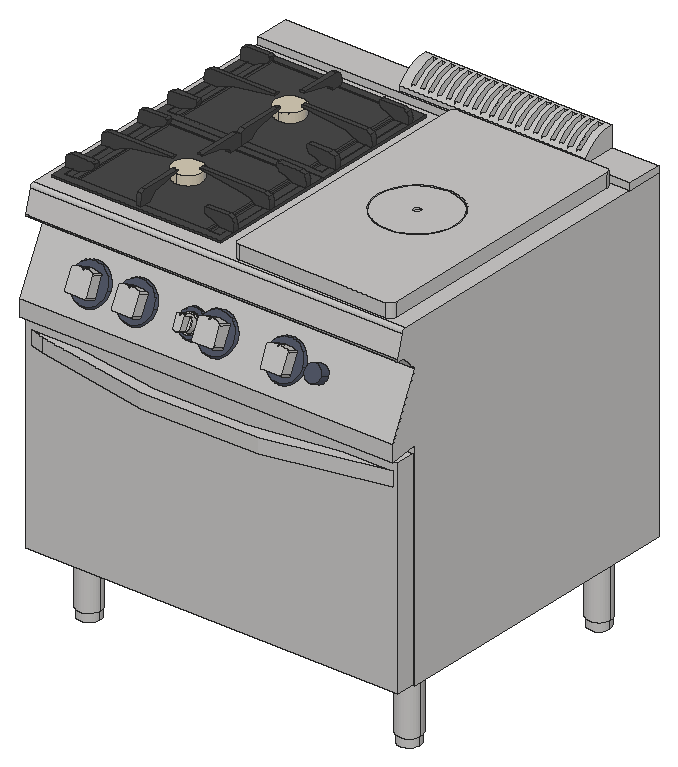
Revit family "QF_ZANUSSI_372009_Z7STGH30G0", category Specialty Equipment, Revit 2018 (continued)
Automatic sketch dimensions
  curve 97 to curve 104 = 0 mm  (x2)
  curve 97 to curve 105 = 0 mm  (x2)
  curve 97 to curve 106 = 0 mm  (x2)
  curve 97 to curve 107 = 0 mm  (x2)
  curve 97 to curve 112 = 0 mm  (x2)
  curve 97 to curve 113 = 0 mm  (x2)
  curve 102 to curve 104 = 0 mm  (x2)
  curve 102 to curve 105 = 0 mm  (x2)
  curve 102 to curve 106 = 0 mm  (x2)
  curve 102 to curve 107 = 0 mm  (x2)
  curve 102 to curve 112 = 0 mm  (x2)
  curve 102 to curve 113 = 0 mm  (x2)
  curve 104 to curve 105 = 0 mm  (x2)
  curve 104 to curve 106 = 0 mm  (x2)
  curve 104 to curve 107 = 0 mm  (x2)
  curve 104 to curve 112 = 0 mm  (x2)
  curve 104 to curve 113 = 0 mm  (x2)
  curve 105 to curve 106 = 0 mm  (x2)
  curve 105 to curve 107 = 0 mm  (x2)
  curve 105 to curve 112 = 0 mm  (x2)
  curve 105 to curve 113 = 0 mm  (x2)
  curve 106 to curve 107 = 0 mm  (x2)
  curve 106 to curve 112 = 0 mm  (x2)
  curve 106 to curve 113 = 0 mm  (x2)
  curve 107 to curve 112 = 0 mm  (x2)
  curve 107 to curve 113 = 0 mm  (x2)
  curve 112 to curve 113 = 0 mm  (x2)
  plane 11 to curve 91 = 0 mm
  curve 3 to plane 4 "RIGHT" = 0 mm
  plane 1 "BACK" to curve 93 = 0 mm
  curve 5 to plane 3 "LEFT" = 0 mm
  plane 11 to curve 89 = 0 mm
  plane 11 to curve 7 = 0 mm
  plane 11 to curve 4 = 0 mm
  plane 12 to curve 2 = 0 mm
  plane 4 "RIGHT" to curve 91 = 150 mm
  curve 100 to plane 4 "RIGHT" = 35 mm
  curve 101 to curve 101 = 12.7 mm
  curve 100 to curve 96 = 12.7 mm
  curve 101 to curve 57 = 67.147 mm
  curve 110 to curve 110 = 84.407 mm
  curve 113 to curve 111 = 0.013 mm
  curve 57 to curve 59 = 9.296 mm
  curve 59 to curve 61 = 9.397 mm
  curve 61 to curve 63 = 9.296 mm
  curve 63 to curve 68 = 9.397 mm
  curve 65 to curve 67 = 9.296 mm
  curve 67 to curve 69 = 9.397 mm
  curve 69 to curve 71 = 9.296 mm
  curve 70 to curve 74 = 9.397 mm
  curve 73 to curve 76 = 9.296 mm
  curve 102 to plane 8 "Center X" = 42.3 mm
  curve 110 to curve 102 = 85.444 mm
  curve 74 to curve 77 = 9.397 mm
  curve 77 to curve 79 = 9.296 mm
  curve 79 to curve 81 = 9.397 mm
  curve 81 to curve 83 = 9.296 mm
  curve 82 to curve 85 = 9.397 mm
  curve 85 to curve 87 = 9.296 mm
  curve 86 to curve 14 = 9.397 mm
  curve 13 to curve 15 = 9.296 mm
  curve 14 to curve 18 = 9.397 mm
  curve 108 to plane 8 "Center X" = 40.499 mm
  curve 97 to curve 108 = 85.431 mm
  curve 108 to curve 109 = 0.013 mm
  curve 17 to curve 19 = 9.296 mm
  curve 19 to curve 21 = 9.397 mm
  curve 21 to curve 22 = 9.296 mm
  curve 23 to curve 25 = 9.397 mm
  curve 25 to curve 27 = 9.296 mm
  curve 26 to curve 29 = 9.397 mm
  curve 29 to curve 31 = 9.296 mm
  curve 30 to curve 33 = 9.397 mm
  curve 33 to curve 98 = 4.449 mm
  plane 7 "Center Y" to curve 95 = 37.7 mm
  curve 33 to curve 35 = 9.296 mm
  curve 95 to curve 94 = 12.7 mm
  curve 34 to curve 37 = 9.397 mm
  curve 37 to curve 38 = 9.296 mm
  plane 7 "Center Y" to curve 42 = 4.764 mm
  curve 43 to plane 7 "Center Y" = 4.532 mm
  curve 42 to curve 46 = 9.397 mm
  curve 45 to curve 47 = 9.296 mm
  curve 46 to curve 50 = 9.397 mm
  curve 49 to curve 51 = 9.296 mm
  curve 50 to curve 53 = 9.397 mm
  curve 53 to curve 54 = 9.296 mm
  curve 55 to curve 9 = 9.397 mm
  curve 9 to curve 10 = 9.296 mm
  curve 90 to plane 3 "LEFT" = 150 mm
  curve 89 to plane 1 "BACK" = 150 mm
  plane 1 "BACK" to curve 85 = 6.761 mm
  plane 1 "BACK" to curve 84 = 6.761 mm
  plane 1 "BACK" to curve 60 = 6.761 mm
  plane 1 "BACK" to curve 9 = 6.761 mm
  plane 1 "BACK" to curve 80 = 6.761 mm
  plane 1 "BACK" to curve 13 = 6.761 mm
  plane 1 "BACK" to curve 76 = 6.761 mm
  plane 1 "BACK" to curve 17 = 6.761 mm
  plane 1 "BACK" to curve 72 = 6.761 mm
  plane 1 "BACK" to curve 21 = 6.761 mm
  plane 1 "BACK" to curve 68 = 6.761 mm
  plane 1 "BACK" to curve 25 = 6.761 mm
  plane 1 "BACK" to curve 64 = 6.761 mm
  plane 1 "BACK" to curve 29 = 6.761 mm
  plane 1 "BACK" to curve 33 = 6.761 mm
  plane 1 "BACK" to curve 56 = 6.761 mm
  plane 1 "BACK" to curve 37 = 6.761 mm
  plane 1 "BACK" to curve 52 = 6.761 mm
  plane 1 "BACK" to curve 41 = 6.761 mm
  plane 1 "BACK" to curve 48 = 6.761 mm
  curve 45 to curve 46 = 57.15 mm
  curve 45 to curve 43 = 0 mm
  curve 49 to curve 46 = 0 mm
  curve 41 to curve 39 = 0 mm
  curve 53 to curve 50 = 0 mm
  curve 37 to curve 35 = 0 mm
  curve 57 to curve 57 = 57.15 mm
  curve 33 to curve 31 = 0 mm
  curve 87 to curve 87 = 57.15 mm
  curve 61 to curve 58 = 0 mm
  curve 29 to curve 27 = 0 mm
  curve 65 to curve 62 = 0 mm
  curve 25 to curve 23 = 0 mm
  curve 69 to curve 66 = 0 mm
  curve 21 to curve 19 = 0 mm
  curve 73 to curve 70 = 0 mm
  curve 17 to curve 15 = 0 mm
  curve 77 to curve 74 = 0 mm
  curve 11 to curve 54 = 0 mm
  curve 81 to curve 78 = 0 mm
  curve 33 to curve 98 = 18.389 mm
  curve 108 to curve 109 = 2.773 mm
  curve 95 to plane 5 "FRONT" = 40.4 mm
  curve 93 to curve 57 = 14.847 mm
  curve 97 to curve 104 = 10.598 mm
  curve 112 to curve 105 = 8.565 mm
  curve 11 to curve 92 = 20.698 mm
  curve 5 to curve 100 = 25.15 mm
  curve 5 to curve 6 = 6.35 mm
  curve 102 to curve 104 = 2.47 mm
  curve 107 to curve 97 = 7 mm
  plane 11 to Extrusion 11 sketch curve = 0 mm  (x2)
  Extrusion 11 sketch curve to plane 3 "LEFT" = 0 mm
  plane 1 "BACK" to Extrusion 11 sketch curve = 0 mm
  Extrusion 11 sketch curve to plane 4 "RIGHT" = 0 mm
  Extrusion 11 sketch curve to plane 3 "LEFT" = 150 mm
  plane 4 "RIGHT" to Extrusion 11 sketch curve = 150 mm
  Extrusion 11 sketch curve to plane 1 "BACK" = 150 mm
  Extrusion 12 sketch curve to Extrusion 12 sketch curve = 0 mm  (x2)
  plane 1 "BACK" to Extrusion 12 sketch curve = 82.3 mm
  Extrusion 12 sketch curve to Extrusion 12 sketch curve = 12.7 mm  (x3)
  Extrusion 12 sketch curve to plane 8 "Center X" = 41.765 mm
  Extrusion 12 sketch curve to Extrusion 12 sketch curve = 0.351 mm
  Extrusion 12 sketch curve to Extrusion 12 sketch curve = 0.184 mm
  Extrusion 12 sketch curve to Extrusion 12 sketch curve = 0.207 mm
  Extrusion 12 sketch curve to plane 5 "FRONT" = 40.4 mm  (x2)
  plane 7 "Center Y" to Extrusion 12 sketch curve = 25 mm
  plane 7 "Center Y" to Extrusion 12 sketch curve = 195.149 mm
  Extrusion 12 sketch curve to Extrusion 12 sketch curve = 0.014 mm
  Extrusion 12 sketch curve to Extrusion 12 sketch curve = 0.097 mm
  Extrusion 12 sketch curve to Extrusion 12 sketch curve = 0.01 mm
  Extrusion 12 sketch curve to plane 4 "RIGHT" = 47.7 mm
  plane 8 "Center X" to Extrusion 12 sketch curve = 0.607 mm
  Extrusion 12 sketch curve to plane 8 "Center X" = 40.976 mm
  Extrusion 12 sketch curve to Extrusion 12 sketch curve = 84.864 mm
  Extrusion 13 sketch curve to Extrusion 13 sketch curve = 0 mm  (x2)
  Extrusion 13 sketch curve to plane 8 "Center X" = 42.3 mm
  plane 7 "Center Y" to Extrusion 13 sketch curve = 195.13 mm
  Extrusion 13 sketch curve to Extrusion 13 sketch curve = 7 mm
  plane 14 to Blend 14 sketch curve = 50.042 mm  (x2)
  plane 14 to Extrusion 15 sketch curve = 73.042 mm
  Extrusion 15 sketch curve to Extrusion 15 sketch curve = 2.997 mm  (x3)
  Extrusion 15 sketch curve to Extrusion 15 sketch curve = 20.003 mm  (x2)
  plane 14 to Extrusion 15 sketch curve = 30.039 mm
  Extrusion 15 sketch curve to Extrusion 15 sketch curve = 5.399 mm
  Extrusion 15 sketch curve to Extrusion 15 sketch curve = 40.037 mm
  Extrusion 15 sketch curve to Extrusion 15 sketch curve = 0 mm  (x2)
  plane 13 "panel" to Extrusion 16 sketch curve = 35 mm
  plane 5 "FRONT" to Extrusion 16 sketch curve = 5.671 mm
  Extrusion 16 sketch curve to Extrusion 16 sketch curve = 3 mm
  Extrusion 16 sketch curve to Extrusion 16 sketch curve = 0 mm  (x2)
  Extrusion 16 sketch curve to Extrusion 16 sketch curve = 1 mm
  Extrusion 16 sketch curve to Extrusion 16 sketch curve = 15 mm
  plane 14 to Extrusion 17 sketch curve = 67.542 mm
  plane 14 to Extrusion 17 sketch curve = 32.542 mm
  Extrusion 17 sketch curve to Extrusion 17 sketch curve = 35 mm
  plane 13 "panel" to Extrusion 18 sketch curve = 35 mm
  plane 5 "FRONT" to Extrusion 18 sketch curve = 5.671 mm
  Extrusion 18 sketch curve to Extrusion 18 sketch curve = 3 mm
  Extrusion 18 sketch curve to Extrusion 18 sketch curve = 0 mm
  Extrusion 18 sketch curve to Extrusion 18 sketch curve = 1 mm  (x2)
  Extrusion 18 sketch curve to Extrusion 18 sketch curve = 15 mm
  Extrusion 19 sketch curve to plane 14 = 67.458 mm
  Extrusion 19 sketch curve to plane 14 = 32.458 mm
  Extrusion 19 sketch curve to Extrusion 19 sketch curve = 35 mm
  Blend 20 sketch curve to plane 14 = 49.958 mm  (x2)
  Extrusion 21 sketch curve to plane 14 = 72.958 mm
  Extrusion 21 sketch curve to Extrusion 21 sketch curve = 2.997 mm  (x3)
  Extrusion 21 sketch curve to Extrusion 21 sketch curve = 20.003 mm  (x2)
  Extrusion 21 sketch curve to plane 14 = 29.955 mm
  Extrusion 21 sketch curve to Extrusion 21 sketch curve = 0 mm  (x2)
  Extrusion 21 sketch curve to Extrusion 21 sketch curve = 40.037 mm
  Extrusion 21 sketch curve to Extrusion 21 sketch curve = 5.399 mm
  Split face 2 sketch curve to Split face 2 sketch curve = 6 mm
  Split face 2 sketch curve to Split face 2 sketch curve = 10 mm
  Split face 3 sketch curve to Split face 3 sketch curve = 5 mm
  Split face 3 sketch curve to Split face 3 sketch curve = 9 mm
  Split face 4 sketch curve to Split face 4 sketch curve = 5 mm
  Split face 5 sketch curve to Split face 5 sketch curve = 5 mm
  Split face 6 sketch curve to Split face 6 sketch curve = 6 mm
  Split face 6 sketch curve to Split face 6 sketch curve = 10 mm
  Split face 7 sketch curve to Split face 7 sketch curve = 5 mm
  Split face 7 sketch curve to Split face 7 sketch curve = 9 mm
  Split face 8 sketch curve to Split face 8 sketch curve = 5 mm
  Split face 9 sketch curve to Split face 9 sketch curve = 5 mm
  Blend 22 sketch curve to plane 7 "Center Y" = 0 mm  (x2)
  Blend 22 sketch curve to Blend 22 sketch curve = 53 mm  (x2)
  Blend 22 sketch curve to Blend 22 sketch curve = 0 mm  (x2)
  Blend 22 sketch curve to Blend 22 sketch curve = 17.95 mm
  Blend 22 sketch curve to Blend 22 sketch curve = 24.037 mm
  Blend 22 sketch curve to Blend 22 sketch curve = 18.422 mm
  Blend 22 sketch curve to Blend 22 sketch curve = 21.086 mm
  Extrusion 23 sketch curve to plane 7 "Center Y" = 55.001 mm
  Extrusion 24 sketch curve to plane 7 "Center Y" = 71.893 mm
  Extrusion 24 sketch curve to Extrusion 24 sketch curve = 6.058 mm
  Extrusion 24 sketch curve to Extrusion 24 sketch curve = 0.01 mm  (x2)
  Extrusion 24 sketch curve to Extrusion 24 sketch curve = 8.895 mm  (x2)
  Extrusion 24 sketch curve to Extrusion 24 sketch curve = 15.995 mm
  Extrusion 24 sketch curve to Extrusion 24 sketch curve = 2.827 mm  (x3)
  plane 13 "panel" to Extrusion 24 sketch curve = 22 mm  (x2)
  Extrusion 24 sketch curve to Extrusion 24 sketch curve = 15.163 mm
  Extrusion 24 sketch curve to Extrusion 24 sketch curve = 15.173 mm
  Extrusion 25 sketch curve to plane 7 "Center Y" = 0 mm
  Extrusion 25 sketch curve to plane 7 "Center Y" = 20.003 mm  (x2)
  Extrusion 25 sketch curve to Extrusion 25 sketch curve = 2.997 mm  (x2)
  plane 7 "Center Y" to Extrusion 25 sketch curve = 20.003 mm  (x2)
  Extrusion 25 sketch curve to Extrusion 25 sketch curve = 5.399 mm
  Extrusion 25 sketch curve to Extrusion 25 sketch curve = 40.037 mm
  Extrusion 25 sketch curve to Extrusion 25 sketch curve = 0 mm  (x2)
  Split face 43 sketch curve to Split face 43 sketch curve = 2.545 mm
  Split face 43 sketch curve to Split face 43 sketch curve = 4.379 mm
  plane 7 "Center Y" to Blend 26 sketch curve = 147.457 mm  (x2)
  plane 7 "Center Y" to Extrusion 27 sketch curve = 124.457 mm
  Extrusion 27 sketch curve to Extrusion 27 sketch curve = 2.997 mm  (x3)
  Extrusion 27 sketch curve to Extrusion 27 sketch curve = 20.003 mm  (x2)
  Extrusion 27 sketch curve to Extrusion 27 sketch curve = 40.005 mm
  Extrusion 27 sketch curve to Extrusion 27 sketch curve = 5.399 mm
  Extrusion 27 sketch curve to Extrusion 27 sketch curve = 40.037 mm
  Extrusion 27 sketch curve to Extrusion 27 sketch curve = 0 mm  (x2)
  plane 13 "panel" to Extrusion 28 sketch curve = 35 mm
  plane 5 "FRONT" to Extrusion 28 sketch curve = 5.671 mm
  Extrusion 28 sketch curve to Extrusion 28 sketch curve = 3 mm
  Extrusion 28 sketch curve to Extrusion 28 sketch curve = 0 mm  (x2)
  Extrusion 28 sketch curve to Extrusion 28 sketch curve = 1 mm
  Extrusion 28 sketch curve to Extrusion 28 sketch curve = 15 mm
  plane 7 "Center Y" to Extrusion 29 sketch curve = 129.957 mm
  Extrusion 29 sketch curve to Extrusion 29 sketch curve = 35 mm  (x2)
  Split face 45 sketch curve to Split face 45 sketch curve = 6 mm
  Split face 45 sketch curve to Split face 45 sketch curve = 10 mm
  Split face 46 sketch curve to Split face 46 sketch curve = 5 mm
  Split face 46 sketch curve to Split face 46 sketch curve = 9 mm
  Split face 47 sketch curve to Split face 47 sketch curve = 5 mm
  Split face 48 sketch curve to Split face 48 sketch curve = 5 mm
  Extrusion 30 sketch curve to plane 4 "RIGHT" = 177.817 mm
  Extrusion 31 sketch curve to plane 4 "RIGHT" = 177.817 mm
  Extrusion 32 sketch curve to plane 7 "Center Y" = 55.001 mm
  plane 5 "FRONT" to curve 185 = 0 mm
  plane 5 "FRONT" to curve 181 = 0 mm
  plane 5 "FRONT" to curve 180 = 0 mm
  plane 5 "FRONT" to curve 184 = 0 mm
  plane 11 to curve 179 = 10.848 mm
  curve 179 to plane 7 "Center Y" = 54.507 mm
  curve 179 to curve 186 = 0.494 mm
  curve 179 to curve 178 = 0.989 mm
  curve 186 to plane 5 "FRONT" = 2.937 mm
  curve 182 to curve 182 = 2.259 mm
  curve 181 to curve 182 = 0.319 mm
  curve 181 to curve 179 = 3.717 mm
  curve 182 to curve 182 = 1.423 mm
  curve 185 to curve 181 = 4.288 mm
  curve 179 to curve 181 = 0.493 mm
  curve 181 to curve 180 = 0.001 mm
  plane 11 to curve 183 = 0.586 mm
  curve 183 to curve 183 = 0.865 mm
  curve 183 to plane 11 = 2.106 mm
  curve 183 to curve 180 = 0.141 mm
  curve 178 to curve 180 = 3.718 mm
  curve 181 to curve 180 = 0 mm
  plane 5 "FRONT" to curve 179 = 1.224 mm
  curve 178 to curve 179 = 0 mm
  plane 5 "FRONT" to curve 184 = 4.847 mm
  curve 179 to curve 180 = 3.623 mm
  curve 184 to curve 181 = 0.003 mm
  plane 5 "FRONT" to curve 185 = 4.85 mm
  curve 182 to curve 182 = 0.045 mm
  Extrusion 33 sketch curve to Extrusion 33 sketch curve = 0 mm  (x6)
  plane 5 "FRONT" to Extrusion 33 sketch curve = 0 mm  (x2)
  Extrusion 33 sketch curve to plane 7 "Center Y" = 0 mm
  Extrusion 33 sketch curve to plane 4 "RIGHT" = 103.605 mm
  Extrusion 33 sketch curve to plane 4 "RIGHT" = 10 mm
  Extrusion 33 sketch curve to plane 1 "BACK" = 537.5 mm
  Extrusion 33 sketch curve to plane 11 = 4.779 mm
  plane 13 "panel" to Extrusion 34 sketch curve = 35 mm
  plane 5 "FRONT" to Extrusion 34 sketch curve = 5.671 mm
  Extrusion 34 sketch curve to Extrusion 34 sketch curve = 3 mm
  Extrusion 34 sketch curve to Extrusion 34 sketch curve = 0 mm  (x2)
  Extrusion 34 sketch curve to Extrusion 34 sketch curve = 1 mm
  Extrusion 34 sketch curve to Extrusion 34 sketch curve = 15 mm
  plane 13 "panel" to Extrusion 35 sketch curve = 41 mm
  plane 5 "FRONT" to Extrusion 35 sketch curve = 16.082 mm
  Extrusion 35 sketch curve to Extrusion 35 sketch curve = 3 mm
  Extrusion 35 sketch curve to Extrusion 35 sketch curve = 0 mm  (x2)
  Extrusion 35 sketch curve to Extrusion 35 sketch curve = 1 mm
  Extrusion 35 sketch curve to Extrusion 35 sketch curve = 15 mm
  radius of Extrusion 9 sketch curve = 6.35 mm
  radius of Extrusion 12 sketch curve = 82.55 mm
  radius of Extrusion 12 sketch curve = 7 mm
  radius of Blend 14 sketch curve = 42.5 mm
  radius of Blend 14 sketch curve = 40.5 mm
  radius of Split face 1 sketch curve = 3 mm
  radius of Blend 20 sketch curve = 42.5 mm
  radius of Blend 20 sketch curve = 40.5 mm
  radius of Split face 10 sketch curve = 1.5 mm
  radius of Split face 11 sketch curve = 2.029 mm
  radius of Split face 12 sketch curve = 2.031 mm
  radius of Split face 13 sketch curve = 3.497 mm
  radius of Split face 14 sketch curve = 3.497 mm
  radius of Split face 15 sketch curve = 3 mm
  radius of Split face 16 sketch curve = 1.5 mm
  radius of Extrusion 23 sketch curve = 20 mm
  radius of Split face 17 sketch curve = 1 mm
  radius of Split face 18 sketch curve = 1 mm
  radius of Split face 19 sketch curve = 1 mm
  radius of Split face 20 sketch curve = 1 mm
  radius of Split face 21 sketch curve = 1 mm
  radius of Split face 22 sketch curve = 1 mm
  radius of Split face 23 sketch curve = 1 mm
  radius of Split face 24 sketch curve = 1 mm
  radius of Split face 25 sketch curve = 1 mm
  radius of Split face 26 sketch curve = 1 mm
  radius of Split face 27 sketch curve = 1 mm
  radius of Split face 28 sketch curve = 1 mm
  radius of Split face 29 sketch curve = 1 mm
  radius of Split face 30 sketch curve = 1 mm
  radius of Split face 31 sketch curve = 1 mm
  radius of Split face 32 sketch curve = 1 mm
  radius of Split face 33 sketch curve = 1 mm
  radius of Split face 34 sketch curve = 1 mm
  radius of Split face 35 sketch curve = 1 mm
  radius of Split face 36 sketch curve = 1 mm
  radius of Split face 37 sketch curve = 1 mm
  radius of Split face 38 sketch curve = 1 mm
  radius of Split face 39 sketch curve = 1 mm
  radius of Split face 40 sketch curve = 1 mm
  radius of Split face 41 sketch curve = 1.508 mm
  radius of Split face 42 sketch curve = 1.343 mm
  radius of Blend 26 sketch curve = 42.5 mm
  radius of Blend 26 sketch curve = 40.5 mm
  radius of Split face 44 sketch curve = 3 mm
  radius of Split face 49 sketch curve = 1.5 mm
  radius of Split face 50 sketch curve = 2.029 mm
  radius of Split face 51 sketch curve = 3.497 mm
  radius of Extrusion 30 sketch curve = 18 mm
  radius of Extrusion 31 sketch curve = 15 mm
  radius of Extrusion 32 sketch curve = 16 mm
Nested families
  nested 1: "QF_372009_BURNER" at (8.5, -5, 0), type "QF_372009_BURNER"
    with Type Mark "", Status "", Specification by User "", Revision Code "", Item Number "", Installed By "", Identify Quantity as Lot yes, Furnished By "", Foodservice Equipment Identifier yes
  nested 2: "QF_372009_BURNER" at (8.5, -739.127, 0), type "QF_372009_BURNER"
    with Type Mark "", Status "", Specification by User "", Revision Code "", Item Number "", Installed By "", Identify Quantity as Lot yes, Furnished By "", Foodservice Equipment Identifier yes
Connectors
  piping at (747.613, -464, 141.185), diameter 12.8
    settings: on Extrusion 9, index 1, connector inside diameter 0.50394", connector length 0 mm, flow factor 0, pipe flow 0 GPM, pressure drop 0.00 psi, fitting loss kfactor 0, connector angle 0.00°, fixture units 0, engagement length 0 mm, angle of deflection 0.00°, flow configuration 1, flow direction 1, fitting loss method 0, system type 7, joint type 0, gender type 0, connector reference index -1, connector utility 0, adjustable connector no, is connector primary yes, connector description "Gas Inlet"
Definition of nested family "QF_372009_BURNER"
  Parameters
    Weight in Pounds = 0
    URL Cutsheet = ""
    URL = "www.electrolux.com"
    Type Mark [instance] = ""
    Status [instance] = ""
    Specification by User [instance] = ""
    Specification by Manufacturer = ""
    Serial Number = ""
    Seismic Rating = ""
    SMACNA No = ""
    Revision Code [instance] = ""
    Omniclass Number and Title = ""
    NAFEM Spec ID Number = ""
    Model = "371009"
    Masterspec = ""
    Manufacturer = "ELECTROLUX"
    Item Number [instance] = ""
    Installed By [instance] = ""
    Identify Quantity as Lot [instance] = yes
    Furnished By [instance] = ""
    Foodservice Equipment Identifier [instance] = yes
    Description = ""
    CSI MasterFormat = ""
    CSI Master Format = ""
  Reference planes
    plane 1 "BACK": y = 0
    plane 2: z = 0
    plane 3 "LEFT": x = 0
    plane 4 "RIGHT": x = 800
    plane 5 "FRONT": y = -700
    plane 6 "TOP": z = 908.85
    plane 7 "Center Y": x = 400
    plane 8 "Center X": y = -350
    plane 9 "Base": z = 150
    plane 10: z = 850.85
  Forms (mm)
    Extrusion 1, solid
      sketch origin (0, -734.127, 5) x (1, 0, 0) y (0, 0, -1)
        loop
          arc (7.142, -850.85) -> (6.739, -862.989) -> (9.761, -874.752) r 42.809
          line (9.761, -874.752) -> (19.961, -879.425) -> (157.339, -879.425)
          arc (157.339, -879.425) -> (158.533, -878.312) -> (157.506, -877.043) r 1.197
          line (157.506, -877.043) -> (64.848, -864.021)
          arc (64.848, -864.021) -> (50.111, -858.738) -> (36.589, -850.85) r 85.245
          line (36.589, -850.85) -> (7.142, -850.85)
        loop
          line (367.858, -850.85) -> (338.411, -850.85)
          arc (338.411, -850.85) -> (324.889, -858.738) -> (310.152, -864.021) r 85.245
          line (310.152, -864.021) -> (217.494, -877.043)
          arc (217.494, -877.043) -> (216.467, -878.312) -> (217.661, -879.425) r 1.197
          line (217.661, -879.425) -> (355.039, -879.425) -> (365.239, -874.752)
          arc (365.239, -874.752) -> (368.261, -862.989) -> (367.858, -850.85) r 42.809
      from 224.564 to 234.564
    Extrusion 2, solid
      sketch origin (0, -734.127, 5) x (1, 0, 0) y (0, 0, -1)
        loop
          arc (7.056, -850.85) -> (6.705, -862.948) -> (9.748, -874.663) r 42.876
          line (9.748, -874.663) -> (19.961, -879.425) -> (65.851, -879.425)
          arc (65.851, -879.425) -> (68.577, -878.352) -> (69.841, -875.709) r 4
          arc (69.841, -875.709) -> (68.75, -869.25) -> (64.816, -864.012) r 13.87
          arc (64.816, -864.012) -> (50.096, -858.731) -> (36.589, -850.85) r 85.245
          line (36.589, -850.85) -> (7.056, -850.85)
        loop
          line (367.944, -850.85) -> (338.411, -850.85)
          arc (338.411, -850.85) -> (324.904, -858.731) -> (310.184, -864.012) r 85.245
          arc (310.184, -864.012) -> (306.25, -869.25) -> (305.159, -875.709) r 13.87
          arc (305.159, -875.709) -> (306.423, -878.352) -> (309.149, -879.425) r 4
          line (309.149, -879.425) -> (355.039, -879.425) -> (365.252, -874.663)
          arc (365.252, -874.663) -> (368.295, -862.948) -> (367.944, -850.85) r 42.876
      from 127.064 to 137.064
    Extrusion 3, solid
      sketch origin (0, -275, 5) x (1, 0, 0) y (0, 0, 1)
        loop
          arc (64.816, 864.012) -> (68.75, 869.25) -> (69.841, 875.709) r 13.87
          arc (69.841, 875.709) -> (68.577, 878.352) -> (65.851, 879.425) r 4
          line (65.851, 879.425) -> (19.961, 879.425) -> (9.748, 874.663)
          arc (9.748, 874.663) -> (6.705, 862.948) -> (7.056, 850.85) r 42.876
          line (7.056, 850.85) -> (36.589, 850.85)
          arc (36.589, 850.85) -> (50.096, 858.731) -> (64.816, 864.012) r 85.245
        loop
          arc (310.184, 864.012) -> (324.904, 858.731) -> (338.411, 850.85) r 85.245
          line (338.411, 850.85) -> (367.944, 850.85)
          arc (367.944, 850.85) -> (368.295, 862.948) -> (365.252, 874.663) r 42.876
          line (365.252, 874.663) -> (355.039, 879.425) -> (309.149, 879.425)
          arc (309.149, 879.425) -> (306.423, 878.352) -> (305.159, 875.709) r 4
          arc (305.159, 875.709) -> (306.25, 869.25) -> (310.184, 864.012) r 13.87
      from 127.064 to 137.064
    Extrusion 4, solid
      sketch origin (454.964, -29.48, 5) x (0, -1, 0) y (0, 0, 1)
        loop
          arc (366.649, 850.85) -> (375.927, 861.743) -> (389.337, 866.736) r 28.426
          line (389.337, 866.736) -> (441.256, 877.043)
          arc (441.256, 877.043) -> (442.283, 878.312) -> (441.089, 879.425) r 1.197
          line (441.089, 879.425) -> (347.797, 879.425)
          arc (347.797, 879.425) -> (343.211, 875.934) -> (337.583, 874.694) r 13.39
          line (337.583, 874.694) -> (337.583, 850.85) -> (366.649, 850.85)
        loop
          arc (606.236, 850.85) -> (606.587, 862.948) -> (603.543, 874.663) r 42.876
          line (603.543, 874.663) -> (593.33, 879.425) -> (509.077, 879.425)
          arc (509.077, 879.425) -> (507.883, 878.312) -> (508.911, 877.043) r 1.197
          line (508.911, 877.043) -> (560.83, 866.736)
          arc (560.83, 866.736) -> (574.239, 861.743) -> (583.518, 850.85) r 28.426
          line (583.518, 850.85) -> (606.236, 850.85)
      from 262.464 to 272.464
    Extrusion 5, solid
      sketch origin (0, 0, 850.85) x (0, -1, 0) y (1, 0, 0)
        loop
          line (642.216, 6.433) -> (642.216, 368.567) -> (367.857, 368.567) -> (367.857, 6.433) -> (642.216, 6.433)
        loop
          line (382.857, 21.433) -> (627.216, 21.433) -> (627.216, 353.567) -> (382.857, 353.567) -> (382.857, 21.433)
      from 0 to 5
    Extrusion 6, solid
      sketch origin (-12.5, 0, 855.85) x (0, -1, 0) y (1, 0, 0)
        loop
          circle (504.356, 200) r 30
      from -1.321 to 17.134
    Extrusion 7, solid
      sketch origin (0, -734.127, 0) x (1, 0, 0) y (0, 0, -1)
        loop
          line (21.433, -855.85) -> (36.589, -855.85)
          arc (36.589, -855.85) -> (40.561, -855.243) -> (44.305, -853.783) r 18.259
          arc (44.305, -853.783) -> (45.997, -853.366) -> (47.69, -853.783) r 3.649
          arc (47.69, -853.783) -> (49.901, -854.522) -> (52.232, -854.529) r 7.328
          line (52.232, -854.529) -> (322.768, -854.529)
          arc (322.768, -854.529) -> (325.099, -854.522) -> (327.31, -853.783) r 7.328
          arc (327.31, -853.783) -> (329.003, -853.366) -> (330.695, -853.783) r 3.649
          arc (330.695, -853.783) -> (334.439, -855.243) -> (338.411, -855.85) r 18.259
          line (338.411, -855.85) -> (353.567, -855.85) -> (353.567, -850.85) -> (21.433, -850.85) -> (21.433, -855.85)
      from 106.911 to 351.27
  Lines and regions (mm)
    symbolic lines
      curve 1: line (6.433, -642.216, 150) -> (368.567, -642.216, 150)
      curve 2: line (6.433, -367.857, 150) -> (6.433, -642.216, 150)
      curve 3: line (368.567, -367.857, 150) -> (192.5, -367.857, 150)
      curve 4: line (368.567, -642.216, 150) -> (368.567, -367.857, 150)
      curve 5: line (353.567, -382.857, 150) -> (192.5, -382.857, 150)
      curve 6: line (353.567, -627.216, 150) -> (353.567, -607.064, 150)
      curve 7: line (21.433, -627.216, 150) -> (182.5, -627.216, 150)
      curve 8: line (21.433, -382.857, 150) -> (21.433, -402.064, 150)
      curve 9: line (52.232, -627.216, 150) -> (52.232, -607.064, 150)
      curve 10: line (322.567, -382.857, 150) -> (322.567, -402.064, 150)
      curve 11: line (148.125, -499.564, 150) -> (148.125, -382.857, 150)
      curve 12: line (154.375, -382.857, 150) -> (154.375, -499.564, 150)
      curve 13: arc (148.297, -509.564, 150) -> (159.191, -533.254, 150) -> (182.5, -544.942, 150) r 39.375
      curve 14: arc (220.42, -509.564, 150) -> (211.39, -528.832, 150) -> (192.5, -538.631, 150) r 33.125
      curve 15: line (220.625, -382.857, 150) -> (220.625, -499.564, 150)
      curve 16: line (226.875, -499.564, 150) -> (226.875, -382.857, 150)
      curve 17: line (192.5, -636.339, 150) -> (192.5, -535.619, 150)
      curve 18: arc (182.657, -474.75, 150) -> (166.195, -483.236, 150) -> (157.853, -499.771, 150) r 30
      curve 19: arc (192.224, -533.982, 150) -> (208.621, -525.661, 150) -> (217.084, -509.337, 150) r 30
      curve 20: line (368.567, -597.064, 150) -> (305.159, -597.064, 150)
      curve 21: line (6.433, -607.064, 150) -> (69.841, -607.064, 150)
      curve 22: line (6.433, -509.564, 150) -> (156.429, -509.564, 150)
      curve 23: line (368.567, -499.564, 150) -> (218.571, -499.564, 150)
      curve 24: line (6.433, -412.064, 150) -> (69.841, -412.064, 150)
      curve 25: line (368.567, -402.064, 150) -> (305.159, -402.064, 150)
      curve 26: line (69.841, -597.064, 150) -> (6.433, -597.064, 150)
      curve 27: line (305.159, -607.064, 150) -> (368.567, -607.064, 150)
      curve 28: line (69.841, -402.064, 150) -> (6.433, -402.064, 150)
      curve 29: line (305.159, -412.064, 150) -> (368.567, -412.064, 150)
      curve 30: arc (69.841, -597.064, 150) -> (74.841, -602.064, 150) -> (69.841, -607.064, 150) r 5
      curve 31: arc (305.159, -607.064, 150) -> (300.159, -602.064, 150) -> (305.159, -597.064, 150) r 5
      curve 32: arc (69.841, -402.064, 150) -> (74.841, -407.064, 150) -> (69.841, -412.064, 150) r 5
      curve 33: arc (305.159, -412.064, 150) -> (300.159, -407.064, 150) -> (305.159, -402.064, 150) r 5
      curve 34: line (21.433, -412.064, 150) -> (21.433, -499.564, 150)
      curve 35: line (52.232, -402.064, 150) -> (52.232, -382.857, 150)
      curve 36: line (21.433, -509.564, 150) -> (21.433, -597.064, 150)
      curve 37: line (52.232, -499.564, 150) -> (52.232, -412.064, 150)
      curve 38: line (52.232, -597.064, 150) -> (52.232, -509.564, 150)
      curve 39: line (21.433, -607.064, 150) -> (21.433, -627.216, 150)
      curve 40: line (322.567, -607.064, 150) -> (322.567, -627.216, 150)
      curve 41: line (353.567, -597.064, 150) -> (353.567, -509.564, 150)
      curve 42: line (322.567, -509.564, 150) -> (322.567, -597.064, 150)
      curve 43: line (353.567, -499.564, 150) -> (353.567, -412.064, 150)
      curve 44: line (353.567, -402.064, 150) -> (353.567, -382.857, 150)
      curve 45: line (322.567, -412.064, 150) -> (322.567, -499.564, 150)
      curve 46: line (156.429, -499.564, 150) -> (6.433, -499.564, 150)
      curve 47: line (218.571, -509.564, 150) -> (368.567, -509.564, 150)
      curve 48: arc (218.571, -499.564, 150) -> (213.571, -504.564, 150) -> (218.571, -509.564, 150) r 5
      curve 49: arc (156.429, -499.564, 150) -> (161.429, -504.564, 150) -> (156.429, -509.564, 150) r 5
      curve 50: arc (157.916, -509.337, 150) -> (166.379, -525.661, 150) -> (182.776, -533.982, 150) r 30
      curve 51: arc (217.147, -499.771, 150) -> (208.805, -483.236, 150) -> (192.343, -474.75, 150) r 30
      curve 52: line (182.5, -535.619, 150) -> (182.5, -636.339, 150)
      curve 53: line (192.5, -473.508, 150) -> (192.5, -367.064, 150)
      curve 54: arc (192.5, -535.619, 150) -> (187.5, -530.619, 150) -> (182.5, -535.619, 150) r 5
      curve 55: arc (192.5, -473.508, 150) -> (187.5, -478.508, 150) -> (182.5, -473.508, 150) r 5
      curve 56: line (182.5, -367.857, 150) -> (6.433, -367.857, 150)
      curve 57: line (182.5, -382.857, 150) -> (21.433, -382.857, 150)
      curve 58: arc (192.5, -404.571, 150) -> (196.398, -417.071, 150) -> (192.5, -429.571, 150) r 21.993
      curve 59: arc (196.181, -420.148, 150) -> (199.482, -417.071, 150) -> (196.181, -413.995, 150) r 3.084
      curve 60: arc (182.5, -404.571, 150) -> (178.602, -417.071, 150) -> (182.5, -429.571, 150) r 21.993
      curve 61: arc (178.819, -420.148, 150) -> (175.518, -417.071, 150) -> (178.819, -413.995, 150) r 3.084
      curve 62: line (182.5, -367.064, 150) -> (182.5, -473.508, 150)
      curve 63: arc (182.5, -538.631, 150) -> (163.61, -528.832, 150) -> (154.58, -509.564, 150) r 33.125
      curve 64: arc (192.5, -544.942, 150) -> (215.809, -533.254, 150) -> (226.703, -509.564, 150) r 39.375
      curve 65: line (182.5, -636.339, 150) -> (192.5, -636.339, 150)
      curve 66: line (182.5, -377.277, 150) -> (192.5, -377.277, 150)
      curve 67: line (182.5, -367.064, 150) -> (192.5, -367.064, 150)
      curve 68: line (192.5, -627.216, 150) -> (353.567, -627.216, 150)
  Dimensions and locks
    equal spacing: plane 3 "LEFT", plane 7 "Center Y", plane 4 "RIGHT"
    plane 3 "LEFT" to plane 4 "RIGHT" = 800 mm
    equal spacing: plane 5 "FRONT", plane 8 "Center X", plane 1 "BACK"
    plane 5 "FRONT" to plane 1 "BACK" = 700 mm
    plane 6 "TOP" to level = 908.85 mm
    plane 9 "Base" to level = 150 mm
    plane 6 "TOP" to plane 10 = 58 mm  (x2)
    aligned and locked: level to plane 2
  Automatic sketch dimensions
    Extrusion 5 sketch curve to Extrusion 5 sketch curve = 15 mm  (x2)
    Extrusion 5 sketch curve to Extrusion 5 sketch curve = 332.134 mm
    plane 3 "LEFT" to Extrusion 2 sketch curve = 7.056 mm
    plane 3 "LEFT" to Extrusion 2 sketch curve = 9.748 mm
    Extrusion 2 sketch curve to Extrusion 2 sketch curve = 10.213 mm  (x2)
    plane 10 to Extrusion 2 sketch curve = 5 mm  (x2)
    Extrusion 2 sketch curve to Extrusion 2 sketch curve = 29.533 mm
    Extrusion 2 sketch curve to Extrusion 2 sketch curve = 12.72 mm  (x2)
    Extrusion 2 sketch curve to Extrusion 2 sketch curve = 6.697 mm
    Extrusion 2 sketch curve to Extrusion 2 sketch curve = 8.81 mm
    Extrusion 2 sketch curve to Extrusion 2 sketch curve = 9.845 mm  (x2)
    Extrusion 2 sketch curve to Extrusion 2 sketch curve = 3.99 mm  (x2)
    Extrusion 2 sketch curve to Extrusion 2 sketch curve = 0 mm  (x2)
    Extrusion 2 sketch curve to Extrusion 2 sketch curve = 36.813 mm
    Extrusion 2 sketch curve to plane 7 "Center Y" = 111.122 mm
    Extrusion 2 sketch curve to plane 6 "TOP" = 28.141 mm
    Extrusion 2 sketch curve to plane 7 "Center Y" = 94.841 mm
    Extrusion 2 sketch curve to Extrusion 2 sketch curve = 1.035 mm
    Extrusion 2 sketch curve to Extrusion 2 sketch curve = 15.507 mm
    Extrusion 2 sketch curve to Extrusion 2 sketch curve = 16.628 mm
    Extrusion 2 sketch curve to Extrusion 2 sketch curve = 2.692 mm
    Extrusion 2 sketch curve to plane 6 "TOP" = 24.425 mm
    Extrusion 2 sketch curve to Extrusion 2 sketch curve = 28.575 mm
    Extrusion 2 sketch curve to Extrusion 2 sketch curve = 3.716 mm
    Extrusion 2 sketch curve to Extrusion 2 sketch curve = 4.763 mm  (x2)
    plane 3 "LEFT" to Extrusion 1 sketch curve = 7.142 mm
    plane 3 "LEFT" to Extrusion 1 sketch curve = 9.761 mm
    Extrusion 1 sketch curve to Extrusion 1 sketch curve = 10.201 mm  (x2)
    plane 10 to Extrusion 1 sketch curve = 5 mm  (x2)
    Extrusion 1 sketch curve to Extrusion 1 sketch curve = 29.447 mm
    Extrusion 1 sketch curve to Extrusion 1 sketch curve = 12.704 mm  (x2)
    Extrusion 1 sketch curve to Extrusion 1 sketch curve = 15.555 mm  (x2)
    Extrusion 1 sketch curve to Extrusion 1 sketch curve = 36.829 mm
    Extrusion 1 sketch curve to plane 6 "TOP" = 24.425 mm  (x2)
    Extrusion 1 sketch curve to Extrusion 1 sketch curve = 92.491 mm
    Extrusion 1 sketch curve to plane 6 "TOP" = 26.807 mm  (x2)
    Extrusion 1 sketch curve to Extrusion 1 sketch curve = 0.167 mm  (x2)
    Extrusion 1 sketch curve to Extrusion 1 sketch curve = 59.988 mm
    Extrusion 1 sketch curve to plane 7 "Center Y" = 111.122 mm
    plane 10 to Extrusion 1 sketch curve = 18.171 mm
    Extrusion 1 sketch curve to Extrusion 1 sketch curve = 21.274 mm
    Extrusion 1 sketch curve to Extrusion 1 sketch curve = 16.628 mm
    Extrusion 1 sketch curve to Extrusion 1 sketch curve = 2.618 mm
    Extrusion 1 sketch curve to Extrusion 1 sketch curve = 4.673 mm  (x2)
    Extrusion 1 sketch curve to Extrusion 1 sketch curve = 5.694 mm
    plane 3 "LEFT" to Extrusion 3 sketch curve = 7.056 mm
    plane 3 "LEFT" to Extrusion 3 sketch curve = 9.748 mm
    Extrusion 3 sketch curve to Extrusion 3 sketch curve = 10.213 mm  (x2)
    plane 10 to Extrusion 3 sketch curve = 5 mm  (x2)
    Extrusion 3 sketch curve to Extrusion 3 sketch curve = 29.533 mm
    Extrusion 3 sketch curve to Extrusion 3 sketch curve = 12.72 mm  (x2)
    Extrusion 3 sketch curve to Extrusion 3 sketch curve = 6.697 mm
    Extrusion 3 sketch curve to Extrusion 3 sketch curve = 8.81 mm
    Extrusion 3 sketch curve to Extrusion 3 sketch curve = 9.845 mm  (x2)
    Extrusion 3 sketch curve to Extrusion 3 sketch curve = 3.99 mm  (x2)
    Extrusion 3 sketch curve to Extrusion 3 sketch curve = 0 mm  (x2)
    Extrusion 3 sketch curve to Extrusion 3 sketch curve = 36.813 mm
    Extrusion 3 sketch curve to plane 7 "Center Y" = 111.122 mm
    Extrusion 3 sketch curve to plane 6 "TOP" = 28.141 mm
    Extrusion 3 sketch curve to plane 7 "Center Y" = 94.841 mm
    Extrusion 3 sketch curve to Extrusion 3 sketch curve = 1.035 mm
    Extrusion 3 sketch curve to Extrusion 3 sketch curve = 15.507 mm
    Extrusion 3 sketch curve to Extrusion 3 sketch curve = 16.628 mm
    Extrusion 3 sketch curve to Extrusion 3 sketch curve = 2.692 mm
    Extrusion 3 sketch curve to plane 10 = 64.377 mm  (x2)
    plane 10 to Extrusion 3 sketch curve = 12.281 mm  (x2)
    Extrusion 3 sketch curve to Extrusion 3 sketch curve = 10.713 mm
    Extrusion 5 to Extrusion 6 sketch curve = 121.499 mm
    Extrusion 5 to Extrusion 6 sketch curve = 166.067 mm
    plane 3 "LEFT" to Extrusion 5 sketch curve = 21.433 mm
    Extrusion 5 sketch curve to plane 5 "FRONT" = 72.784 mm
    plane 3 "LEFT" to Extrusion 7 sketch curve = 21.433 mm
    Extrusion 7 sketch curve to Extrusion 7 sketch curve = 14.402 mm
    plane 10 to Extrusion 7 sketch curve = 5 mm
    plane 10 to Extrusion 7 sketch curve = 2.933 mm  (x4)
    Extrusion 7 sketch curve to Extrusion 7 sketch curve = 7.716 mm  (x2)
    Extrusion 7 sketch curve to Extrusion 7 sketch curve = 0 mm  (x2)
    Extrusion 7 sketch curve to Extrusion 7 sketch curve = 1.692 mm  (x2)
    Extrusion 7 sketch curve to Extrusion 7 sketch curve = 3.385 mm  (x2)
    Extrusion 7 sketch curve to plane 10 = 3.559 mm  (x2)
    Extrusion 7 sketch curve to Extrusion 7 sketch curve = 302.478 mm
    Extrusion 7 sketch curve to Extrusion 7 sketch curve = 15.253 mm
    Extrusion 7 sketch curve to Extrusion 7 sketch curve = 15.156 mm  (x2)
    Extrusion 7 sketch curve to Extrusion 7 sketch curve = 3.233 mm
    Extrusion 7 sketch curve to plane 10 = 0 mm
    Extrusion 7 sketch curve to plane 7 "Center Y" = 77.232 mm
    Extrusion 5 sketch curve to plane 8 "Center X" = 32.857 mm
    plane 3 "LEFT" to Extrusion 5 sketch curve = 6.433 mm
    plane 1 "BACK" to Extrusion 5 sketch curve = 367.857 mm
    plane 10 to Extrusion 4 sketch curve = 5 mm  (x2)
    Extrusion 4 sketch curve to Extrusion 4 sketch curve = 29.066 mm
    Extrusion 4 sketch curve to Extrusion 4 sketch curve = 22.688 mm
    Extrusion 4 sketch curve to plane 10 = 7.392 mm  (x2)
    Extrusion 4 sketch curve to Extrusion 4 sketch curve = 25.583 mm
    Extrusion 4 sketch curve to plane 6 "TOP" = 24.425 mm  (x2)
    Extrusion 4 sketch curve to Extrusion 4 sketch curve = 51.752 mm
    Extrusion 4 sketch curve to Extrusion 4 sketch curve = 0.167 mm  (x2)
    Extrusion 4 sketch curve to plane 6 "TOP" = 26.807 mm
    Extrusion 4 sketch curve to Extrusion 4 sketch curve = 67.655 mm
    Extrusion 4 sketch curve to Extrusion 4 sketch curve = 49.024 mm
    Extrusion 4 sketch curve to Extrusion 4 sketch curve = 2.895 mm
    Extrusion 4 sketch curve to Extrusion 4 sketch curve = 3.153 mm
    Extrusion 4 sketch curve to Extrusion 4 sketch curve = 19.535 mm
    Extrusion 4 sketch curve to Extrusion 4 sketch curve = 9.813 mm
    Extrusion 4 sketch curve to Extrusion 4 sketch curve = 10.213 mm
    Extrusion 4 sketch curve to Extrusion 4 sketch curve = 22.718 mm
    Extrusion 4 sketch curve to Extrusion 4 sketch curve = 8.605 mm
    Extrusion 4 sketch curve to Extrusion 4 sketch curve = 4.731 mm
    Extrusion 4 sketch curve to Extrusion 4 sketch curve = 2.382 mm
    Extrusion 4 sketch curve to Extrusion 4 sketch curve = 8.658 mm
    Extrusion 4 sketch curve to plane 8 "Center X" = 17.064 mm
    curve 13 to curve 14 = 0 mm  (x2)
    curve 13 to curve 63 = 0 mm  (x2)
    curve 13 to curve 64 = 0 mm  (x2)
    curve 18 to curve 19 = 0 mm  (x2)
    curve 18 to curve 50 = 0 mm  (x2)
    curve 18 to curve 51 = 0 mm  (x2)
    curve 25 to plane 7 "Center Y" = 31.433 mm
    curve 3 to curve 44 = 15 mm
    curve 43 to curve 44 = 0 mm
    curve 1 to curve 68 = 15 mm
    curve 41 to curve 43 = 0 mm
    curve 6 to curve 40 = 31 mm
    curve 41 to curve 42 = 31 mm
    curve 43 to curve 45 = 31 mm
    curve 10 to curve 45 = 0 mm
    curve 40 to curve 27 = 17.408 mm
    curve 45 to curve 29 = 17.408 mm
    curve 16 to curve 64 = 0.172 mm
    curve 16 to curve 15 = 6.25 mm
    curve 64 to curve 14 = 6.283 mm
    curve 15 to curve 23 = 2.054 mm
    curve 23 to curve 51 = 1.424 mm
    curve 47 to curve 19 = 1.487 mm
    curve 15 to curve 60 = 20.029 mm
    curve 60 to curve 59 = 4.198 mm
    curve 59 to curve 59 = 0.216 mm  (x2)
    curve 19 to curve 64 = 24.584 mm
    curve 55 to curve 51 = 0.157 mm
    curve 54 to curve 19 = 0.276 mm
    curve 19 to curve 64 = 4.724 mm
    curve 18 to curve 13 = 0 mm
    curve 54 to curve 54 = 5 mm
    curve 50 to curve 54 = 0.276 mm
    curve 18 to curve 55 = 0.157 mm
    curve 60 to curve 61 = 3.681 mm
    curve 61 to curve 61 = 0 mm
    curve 61 to curve 61 = 0.216 mm
    curve 61 to curve 58 = 4.198 mm
    curve 13 to curve 50 = 29.584 mm
    curve 50 to curve 18 = 0.064 mm
    curve 50 to curve 22 = 1.487 mm
    curve 22 to curve 63 = 1.849 mm
    curve 49 to curve 12 = 2.054 mm
    curve 63 to curve 13 = 6.283 mm
    curve 12 to curve 11 = 6.25 mm
    plane 3 "LEFT" to curve 30 = 69.841 mm
    plane 3 "LEFT" to curve 28 = 69.841 mm
    plane 3 "LEFT" to curve 38 = 52.232 mm
    curve 24 to curve 37 = 17.609 mm
    curve 9 to curve 38 = 0 mm
    curve 28 to curve 35 = 17.609 mm
    plane 3 "LEFT" to curve 39 = 21.433 mm
    plane 3 "LEFT" to curve 8 = 21.433 mm
    curve 34 to curve 8 = 0 mm
    curve 36 to curve 34 = 0 mm
    plane 3 "LEFT" to curve 21 = 6.433 mm
    curve 67 to curve 56 = 0.794 mm
    curve 67 to curve 3 = 0.794 mm
    curve 56 to curve 66 = 9.419 mm
    curve 10 to curve 33 = 19.206 mm
    curve 8 to curve 8 = 19.206 mm
    curve 57 to curve 60 = 21.714 mm
    curve 60 to curve 58 = 0 mm
    curve 28 to curve 32 = 5 mm
    curve 33 to curve 33 = 5 mm
    curve 58 to curve 59 = 9.423 mm
    curve 61 to curve 58 = 3.077 mm
    curve 60 to curve 62 = 43.937 mm
    curve 51 to curve 15 = 24.814 mm
    curve 23 to curve 51 = 0.207 mm
    curve 18 to curve 13 = 1.529 mm
    curve 38 to curve 38 = 87.5 mm
    curve 42 to curve 31 = 87.5 mm
    curve 26 to curve 30 = 5 mm
    curve 31 to curve 31 = 5 mm
    curve 9 to curve 9 = 20.152 mm
    curve 65 to plane 5 "FRONT" = 63.661 mm
    curve 6 to curve 4 = 15 mm
    curve 55 to curve 55 = 5 mm
    curve 53 to curve 18 = 5 mm
    curve 45 to curve 16 = 95.692 mm
    curve 2 to curve 57 = 15 mm
    curve 10 to plane 8 "Center X" = 32.857 mm
    curve 57 to plane 8 "Center X" = 32.857 mm
    curve 6 to curve 68 = 20.152 mm
    radius of Extrusion 6 sketch curve = 30 mm
